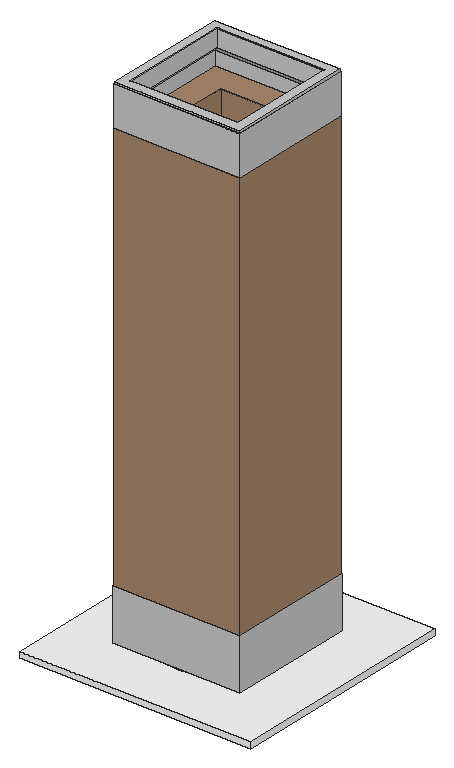
Revit family "BE_84467_de_DE", category Leuchten, Revit 2020
Family settings
  Basisbauteil = Fläche
  Bemaßung runder Anschluss = Durchmesser verwenden
  Teiletyp = Normal
  Beim Laden mit Abzugskörper schneiden = Ja
  Lichtquelle = Nein
  Gemeinsam genutzt = Nein
  Raumberechnungspunkt = Ja
Parameters (values of type "BEGA_84467_Silber")
  Default Elevation = 0 mm
  Umgebungstemperatur = ""
  URL = "https://www.bega.com/de/produkt/84467"
  Typenkommentare = "© 2022 BEGA. Wir behalten uns das Recht vor, technische Änderungen ohne vorherige Ankündigung vorzunehmen."  # constant formula
  Typenbild = 84467.png
  Spannung = 0 V
  Sonderanfertigung = no
  Seriennummer [instance] = "Hier können Sie die eindeutige Seriennummer für das Facility Management eintragen."
  Schutzklasse = ""
  Schutzart = ""
  Scheinlast = 0 VA
  Produktdatenblatt = "https://cdn.bega.com/bega/products/84467/current/documents/data-sheets/de"
  Oberflächentemperatur = ""
  Modell = "84467A"
  Material_38 = BEGA_Holz
  Material_17 = BEGA_Reflektor
  Material_15 = BEGA_Leuchtmedium_matt
  Material_11 = BEGA_Glas_opal
  Material_09 = BEGA_Glas_klar
  Material_06 = BEGA_Oberfläche_Edelstahl_gebürstet
  Material_03 = BEGA_Oberfläche_Weiss_matt
  Material_02 = BEGA_Oberfläche_Silber_matt
  Material_01 [instance] = BEGA_Oberfläche_Grafit_matt
  M_W = no
  M_G = no
  M_A = yes
  Logo = 0
  Leuchtenanzahl = ""
  Lastklassifizierung = Beleuchtung
  Hersteller = "BEGA"  # constant formula
  Halbstreuwinkel = ""
  Gewicht = "18.85 kg"
  Gebrauchslageneinschränkung [instance] = ""
  Energieeffizienzklasse = ""
  ENEC = ""
  Dimmbar [instance] = "on/off"
  CE_Konformität = "ja"
  Bestellnummer = "84467A"
  Beschreibung_Sonderanfertigung = "Hier können Sie Informationen zur Sonderanfertigung eintragen."
  Beschreibung = "Pollerleuchtenrohr"
  Befestigungsbohrung = ""
  Befestigungsabstand = ""
  Ballwurfsicher = ""
  BEGA_Intern_aus = yes
  BEGA_Intern_an = yes
  BEGA_Intern_Konstruktion = yes
  BEGA_Intern = yes
  BEGA_IES = yes
  BEGA_Dummy = no
  Anschlussleitung = ""
  Anschlusskasten = ""
  Aktualisierung = "2022-05-19T04:00:07"
  Abstand_zur_angestrahlten_Fläche [instance] = ""
Types (2, lengths in mm): name | Modell | M_G | M_A | Bestellnummer
  BEGA_84467_Grafit | "84467" | yes | no | "84467"
  BEGA_84467_Silber | "84467A" | no | yes | "84467A"
Reference planes
  plane 1 "Mitte (Vorne/Hinten)": y = 0
  plane 2: z = 0
  plane 3 "Mitte (Links/Rechts)": x = 0
  plane 4 "Links": x = -110
  plane 5 "Rechts": x = 110
  plane 6 "Unten": y = -110
  plane 7 "Oben": y = 110
  plane 8 "Vorne": z = 878
  plane 9 "Hinten": z = 0
Forms (mm)
  Extrusion 1, solid, material "BEGA_Platte_Weiss"
    sketch origin (0, -1119.2, 0) x (1, 0, 0) y (0, 1, 0)
      loop
        line (-200, 1319.2) -> (-200, 919.2) -> (200, 919.2) -> (200, 1319.2) -> (-200, 1319.2)
    from 0 to -10
  Extrusion 2, solid, material "BEGA_Dummy_matt", visible <- "BEGA_Dummy"
    sketch origin (80.095, -76.023, 0) x (1, 0, 0) y (0, 1, 0)
      loop
        line (-190.095, 186.023) -> (-190.095, -33.977) -> (29.905, -33.977) -> (29.905, 186.023) -> (-190.095, 186.023)
    from 0 to 878
Dimensions and locks
  plane 1 "Mitte (Vorne/Hinten)" to Extrusion 1 = 200 mm
  aligned and locked: plane 2 to Extrusion 1
  aligned and locked: level to Extrusion 1
Nested families
  nested 1: "BE_84467" at (0, 0, 0), type "BE_84467"
Connectors
  electrical at (0, 0, 0), driven by "Lastklassifizierung", driven by "Spannung", driven by "Scheinlast"
    settings: index 1, voltage 0 V, apparent load 0 VA, apparent load phase1 0 VA, apparent load phase2 0 VA, apparent load phase3 0 VA, power factor 1, load classification "Beleuchtung", number of poles 1, system type 31, power factor state 1, is connector primary yes, connector utility no, sub classification motor no, connector description ""
Definition of nested family "BE_84467"
  Parameters (values of type "BE_84467")
    Default Elevation = 1 mm
    URL = "http://www.bega.de/de/produkt"
    Type Comments = "© 2015 BEGA. Wir behalten uns das Recht vor, technische Änderungen ohne vorherige Ankündigung vorzunehmen. "  # constant formula
    Type Image = (empty or 0)
    Neigungswinkel_um_Z2 = 0.00°
    Neigungswinkel_um_Z1 = 0.00°
    Neigungswinkel_um_Y2 = 0.00°
    Neigungswinkel_um_Y1 = 0.00°
    Neigungswinkel_um_X2 = 0.00°
    Neigungswinkel_um_X1 = 0.00°
    Material_38 = none
    Material_17 = none
    Material_15 = none
    Material_11 = none
    Material_09 = none
    Material_06 = none
    Material_02 = none
    Material_01 = none
    M_W = yes
    M_G = yes
    M_A = yes
    Länge_Platte = 200 mm  # constant formula
    Höhe_Platte = -10 mm  # constant formula
    Manufacturer = "BEGA"  # constant formula
    Drehwinkel_um_Z2 = 0.00°
    Drehwinkel_um_Z1 = 0.00°
    Breite_Platte = 200 mm  # constant formula
  Reference planes
    plane 1 "Mitte (Oben/Unten)": y = 0
    plane 2: z = 0
    plane 3 "Mitte (Links/Rechts)": x = 0
    plane 4: y = -110
    plane 5: y = 110
    plane 6: x = -110
    plane 7: x = 110
    plane 8: z = 0
    plane 9: z = 878
  Forms (mm)
    Extrusion 1, solid, detail levels medium
      sketch origin (0, 0, 0) x (1, 0, 0) y (0, 1, 0)
        loop
          line (-100, 100) -> (-100, -100) -> (100, -100) -> (100, 100) -> (-100, 100)
      from 0 to -10 <- "Höhe_Platte"
    Revolve 2, solid, material <- "Material_01", visible <- "M_G"
      sketch origin (0, 0, 0) x (1, 0, 0) y (0, 0, 1)
        loop
          line (-104.5, 8) -> (-104.5, 0) -> (-37.607, 0) -> (-37.607, 10) -> (-75.714, 10)
          arc (-75.714, 10) -> (-77.741, 10.788) -> (-78.702, 12.739) r 3
          line (-78.702, 12.739) -> (-81, 39) -> (-97.5, 39) -> (-97.5, 35) -> (-86.5, 24) -> (-86.5, 13.454)
          arc (-86.5, 13.454) -> (-87.901, 9.986) -> (-91.317, 8.46) r 5
          line (-91.317, 8.46) -> (-104.5, 8)
        axis (0, 39) -> (0, 0)
      angle from 0 to 360
    Sweep 3, solid, material <- "Material_01", visible <- "M_G"
      path origin (0, 0, 0) x (1, 0, 0) y (0, 1, 0)
        loop
          line (-110, 110) -> (-110, -110) -> (110.312, -110) -> (110.312, 110) -> (-110, 110)
      profile origin (-110, 0, 0) x (1, 0, 0) y (0, 0, 1)
        loop
          line (4, 5.57) -> (4, 93.57) -> (0, 93.57) -> (0, 5.57) -> (4, 5.57)
    Sweep 4, solid, material <- "Material_38"
      path origin (0, 0, 0) x (1, 0, 0) y (0, 1, 0)
        loop
          line (-110, 110) -> (-110, -110) -> (110.312, -110) -> (110.312, 110) -> (-110, 110)
      profile origin (-110, 0, 0) x (1, 0, 0) y (0, 0, 1)
        loop
          line (50.312, 810.3) -> (5.312, 810.3) -> (5.312, 805.8) -> (0.312, 805.8) -> (0.312, 93.77) -> (5.312, 93.77) -> (5.312, 89.27) -> (50.312, 89.27) -> (50.312, 810.3)
    Sweep 5, solid, material <- "Material_01", visible <- "M_G"
      path origin (0, 0, 0) x (1, 0, 0) y (0, 1, 0)
        loop
          line (-110, 110) -> (-110, -110) -> (110.312, -110) -> (110.312, 110) -> (-110, 110)
      profile origin (-110, 0, 0) x (1, 0, 0) y (0, 0, 1)
        loop
          line (0.312, 874) -> (0.312, 806) -> (4.312, 806) -> (4.312, 834) -> (17.892, 847.58) -> (16.88, 876.57)
          arc (16.88, 876.57) -> (16.689, 877.355) -> (16.204, 878) r 2
          line (16.204, 878) -> (1.812, 878) -> (1.812, 874) -> (0.312, 874)
    Revolve 6, solid, material <- "Material_02", visible <- "M_A"
      sketch origin (0, 0, 0) x (1, 0, 0) y (0, 0, 1)
        loop
          line (-104.5, 8) -> (-104.5, 0) -> (-37.607, 0) -> (-37.607, 10) -> (-75.714, 10)
          arc (-75.714, 10) -> (-77.741, 10.788) -> (-78.702, 12.739) r 3
          line (-78.702, 12.739) -> (-81, 39) -> (-97.5, 39) -> (-97.5, 35) -> (-86.5, 24) -> (-86.5, 13.454)
          arc (-86.5, 13.454) -> (-87.901, 9.986) -> (-91.317, 8.46) r 5
          line (-91.317, 8.46) -> (-104.5, 8)
        axis (0, 39) -> (0, 0)
      angle from 0 to 360
    Sweep 7, solid, material <- "Material_02", visible <- "M_A"
      path origin (0, 0, 0) x (1, 0, 0) y (0, 1, 0)
        loop
          line (-110, 110) -> (-110, -110) -> (110.312, -110) -> (110.312, 110) -> (-110, 110)
      profile origin (-110, 0, 0) x (1, 0, 0) y (0, 0, 1)
        loop
          line (4, 5.57) -> (4, 93.57) -> (0, 93.57) -> (0, 5.57) -> (4, 5.57)
    Sweep 8, solid, material <- "Material_02", visible <- "M_A"
      path origin (0, 0, 0) x (1, 0, 0) y (0, 1, 0)
        loop
          line (-110, 110) -> (-110, -110) -> (110.312, -110) -> (110.312, 110) -> (-110, 110)
      profile origin (-110, 0, 0) x (1, 0, 0) y (0, 0, 1)
        loop
          line (0.312, 874) -> (0.312, 806) -> (4.312, 806) -> (4.312, 834) -> (17.892, 847.58) -> (16.88, 876.57)
          arc (16.88, 876.57) -> (16.689, 877.355) -> (16.204, 878) r 2
          line (16.204, 878) -> (1.812, 878) -> (1.812, 874) -> (0.312, 874)
    Extrusion 9, solid, material <- "Material_01", visible <- "M_G"
      sketch origin (0, 0, 0) x (1, 0, 0) y (0, 1, 0)
        loop
          line (106.312, 106) -> (-106, 106) -> (-106, -106) -> (106.312, -106) -> (106.312, 106)
        loop
          circle (0, 0) r 104.5
      from 5.57 to 42.435
    Extrusion 10, solid, material <- "Material_02", visible <- "M_A"
      sketch origin (0, 0, 0) x (1, 0, 0) y (0, 1, 0)
        loop
          line (106.312, 106) -> (-106, 106) -> (-106, -106) -> (106.312, -106) -> (106.312, 106)
        loop
          circle (0, 0) r 104.5
      from 5.57 to 42.435
  Dimensions and locks
    equal spacing: Extrusion 1 sketch curve, plane 3 "Mitte (Links/Rechts)", Extrusion 1 sketch curve
    equal spacing: Extrusion 1 sketch curve, plane 1 "Mitte (Oben/Unten)", Extrusion 1 sketch curve
    "Länge_Platte": Extrusion 1 sketch curve to Extrusion 1 sketch curve
    "Breite_Platte": Extrusion 1 sketch curve to Extrusion 1 sketch curve
    aligned and locked: plane 2 to Extrusion 1
    aligned and locked: level to Extrusion 1
  Automatic sketch dimensions
    Revolve 2 sketch curve to level = 0 mm
    Revolve 2 sketch curve to Revolve 2 sketch curve = 6 mm
    level to Revolve 2 sketch curve = 8.46 mm
    Revolve 2 sketch curve to Revolve 2 sketch curve = 0.183 mm
    Revolve 2 sketch curve to Revolve 2 sketch curve = 5 mm
    Revolve 2 sketch curve to Revolve 2 sketch curve = 10.786 mm
    level to Revolve 2 sketch curve = 13 mm
    Revolve 2 sketch curve to Revolve 2 sketch curve = 4.993 mm
    level to Revolve 2 sketch curve = 8 mm
    Revolve 2 sketch curve to Revolve 2 sketch curve = 13.183 mm
    level to Revolve 2 sketch curve = 35 mm
    level to Revolve 2 sketch curve = 24 mm
    Revolve 2 sketch curve to Revolve 2 sketch curve = 5.5 mm
    level to Revolve 2 sketch curve = 39 mm
    level to Revolve 2 sketch curve = 12.739 mm
    Revolve 2 sketch curve to Revolve 2 sketch curve = 2.989 mm
    Revolve 2 sketch curve to Revolve 2 sketch curve = 0 mm  (x4)
    Revolve 2 sketch curve to Revolve 2 sketch curve = 38.107 mm
    Revolve 2 sketch curve to Revolve 2 sketch curve = 10 mm
    Sweep 3 sketch curve to profile plane = 4 mm
    level to Sweep 3 sketch curve = 5.57 mm
    Sweep 3 sketch curve to Sweep 3 sketch curve = 88 mm
    profile plane to Sweep 3 sketch curve = 0 mm
    Sweep 4 sketch curve to profile plane = 5.312 mm
    level to Sweep 4 sketch curve = 89.27 mm
    Sweep 4 sketch curve to Sweep 4 sketch curve = 45 mm
    Sweep 4 sketch curve to Sweep 4 sketch curve = 4.5 mm  (x2)
    Sweep 4 sketch curve to profile plane = 0.312 mm
    Sweep 4 sketch curve to Sweep 4 sketch curve = 712.03 mm
    Sweep 4 sketch curve to Sweep 4 sketch curve = 5 mm
    level to Sweep 5 sketch curve = 806 mm
    Sweep 5 sketch curve to Sweep 5 sketch curve = 4 mm
    Sweep 5 sketch curve to Sweep 5 sketch curve = 68 mm
    Sweep 5 sketch curve to Sweep 5 sketch curve = 40 mm
    Sweep 5 sketch curve to profile plane = 14.881 mm
    Sweep 5 sketch curve to Sweep 5 sketch curve = 1.323 mm
    Sweep 5 sketch curve to Sweep 5 sketch curve = 1.5 mm
    Sweep 5 sketch curve to profile plane = 1.812 mm
    Sweep 5 sketch curve to Sweep 5 sketch curve = 0.676 mm
    Sweep 5 sketch curve to Sweep 5 sketch curve = 0 mm  (x2)
    Sweep 5 sketch curve to Sweep 5 sketch curve = 13.58 mm  (x2)
    Sweep 5 sketch curve to profile plane = 0.312 mm
    Sweep 5 sketch curve to Sweep 5 sketch curve = 2.5 mm
    Revolve 6 sketch curve to level = 0 mm
    Revolve 6 sketch curve to plane 3 "Mitte (Links/Rechts)" = 0 mm
    level to Revolve 6 sketch curve = 10 mm
    Revolve 6 sketch curve to plane 3 "Mitte (Links/Rechts)" = 37.607 mm
    level to Revolve 6 sketch curve = 13 mm
    Revolve 6 sketch curve to Revolve 6 sketch curve = 38.107 mm
    Revolve 6 sketch curve to Revolve 6 sketch curve = 5.286 mm
    level to Revolve 6 sketch curve = 24 mm
    Revolve 6 sketch curve to Revolve 6 sketch curve = 10.786 mm
    level to Revolve 6 sketch curve = 8.46 mm
    Revolve 6 sketch curve to Revolve 6 sketch curve = 4.817 mm
    Revolve 6 sketch curve to Revolve 6 sketch curve = 0.183 mm
    level to Revolve 6 sketch curve = 35 mm
    Revolve 6 sketch curve to Revolve 6 sketch curve = 11 mm
    Revolve 6 sketch curve to Revolve 6 sketch curve = 13.183 mm
    Revolve 6 sketch curve to Revolve 6 sketch curve = 8 mm
    Revolve 6 sketch curve to Revolve 6 sketch curve = 4.993 mm
    Revolve 6 sketch curve to Revolve 6 sketch curve = 4 mm
    Revolve 6 sketch curve to Revolve 6 sketch curve = 0 mm  (x4)
    Revolve 6 sketch curve to Revolve 6 sketch curve = 2.989 mm
    level to Revolve 6 sketch curve = 12.739 mm
    profile plane to Sweep 7 sketch curve = 0 mm
    Sweep 7 sketch curve to profile plane = 4 mm
    level to Sweep 7 sketch curve = 5.57 mm
    Sweep 7 sketch curve to Sweep 7 sketch curve = 88 mm
    Sweep 8 sketch curve to profile plane = 0.312 mm
    Sweep 8 sketch curve to profile plane = 1.812 mm
    Sweep 8 sketch curve to Sweep 8 sketch curve = 4 mm  (x2)
    Sweep 8 sketch curve to Sweep 8 sketch curve = 13.069 mm
    Sweep 8 sketch curve to Sweep 8 sketch curve = 1.323 mm
    Sweep 8 sketch curve to profile plane = 17.892 mm
    level to Sweep 8 sketch curve = 806 mm
    Sweep 8 sketch curve to Sweep 8 sketch curve = 28 mm
    Sweep 8 sketch curve to Sweep 8 sketch curve = 13.58 mm
    Sweep 8 sketch curve to Sweep 8 sketch curve = 26.42 mm
    Sweep 8 sketch curve to Sweep 8 sketch curve = 2.5 mm
    Sweep 8 sketch curve to Sweep 8 sketch curve = 0.676 mm
    Sweep 8 sketch curve to Sweep 8 sketch curve = 0 mm  (x2)
    Extrusion 9 sketch curve to plane 3 "Mitte (Links/Rechts)" = 106 mm
    plane 3 "Mitte (Links/Rechts)" to Extrusion 9 sketch curve = 106.312 mm
    plane 1 "Mitte (Oben/Unten)" to Extrusion 9 sketch curve = 106 mm
    Extrusion 9 sketch curve to plane 1 "Mitte (Oben/Unten)" = 106 mm
    plane 1 "Mitte (Oben/Unten)" to Extrusion 9 sketch curve = 0 mm
    Extrusion 9 sketch curve to plane 3 "Mitte (Links/Rechts)" = 0 mm
    plane 1 "Mitte (Oben/Unten)" to Extrusion 10 sketch curve = 0 mm
    Extrusion 10 sketch curve to plane 3 "Mitte (Links/Rechts)" = 0 mm
    Sweep 3 sketch curve to plane 1 "Mitte (Oben/Unten)" = 110 mm
    Sweep 4 sketch curve to plane 1 "Mitte (Oben/Unten)" = 110 mm
    Sweep 5 sketch curve to plane 1 "Mitte (Oben/Unten)" = 110 mm
    Sweep 7 sketch curve to plane 1 "Mitte (Oben/Unten)" = 110 mm
    Sweep 8 sketch curve to plane 1 "Mitte (Oben/Unten)" = 110 mm
    Extrusion 10 sketch curve to plane 1 "Mitte (Oben/Unten)" = 106 mm
    plane 3 "Mitte (Links/Rechts)" to Sweep 3 sketch curve = 110.312 mm
    plane 3 "Mitte (Links/Rechts)" to Sweep 4 sketch curve = 110.312 mm
    plane 3 "Mitte (Links/Rechts)" to Sweep 5 sketch curve = 110.312 mm
    plane 3 "Mitte (Links/Rechts)" to Sweep 7 sketch curve = 110.312 mm
    plane 3 "Mitte (Links/Rechts)" to Sweep 8 sketch curve = 110.312 mm
    Extrusion 10 sketch curve to Extrusion 10 sketch curve = 1.812 mm
    plane 1 "Mitte (Oben/Unten)" to Sweep 3 sketch curve = 110 mm
    plane 1 "Mitte (Oben/Unten)" to Sweep 4 sketch curve = 110 mm
    plane 1 "Mitte (Oben/Unten)" to Sweep 5 sketch curve = 110 mm
    plane 1 "Mitte (Oben/Unten)" to Sweep 7 sketch curve = 110 mm
    plane 1 "Mitte (Oben/Unten)" to Sweep 8 sketch curve = 110 mm
    plane 1 "Mitte (Oben/Unten)" to Extrusion 10 sketch curve = 106 mm
    Revolve 2 sketch curve to plane 3 "Mitte (Links/Rechts)" = 0 mm
    Revolve 2 sketch curve to plane 3 "Mitte (Links/Rechts)" = 37.607 mm
    Sweep 3 sketch curve to plane 3 "Mitte (Links/Rechts)" = 110 mm
    Sweep 4 sketch curve to plane 3 "Mitte (Links/Rechts)" = 110 mm
    Sweep 5 sketch curve to plane 3 "Mitte (Links/Rechts)" = 110 mm
    Sweep 7 sketch curve to plane 3 "Mitte (Links/Rechts)" = 110 mm
    Sweep 8 sketch curve to plane 3 "Mitte (Links/Rechts)" = 110 mm
    Extrusion 9 sketch curve to plane 3 "Mitte (Links/Rechts)" = 104.5 mm
    Extrusion 10 sketch curve to plane 3 "Mitte (Links/Rechts)" = 106 mm
    plane 3 "Mitte (Links/Rechts)" to Extrusion 10 sketch curve = 106.312 mm
    Revolve 2 sketch curve to Revolve 2 sketch curve = 369.432 mm
    Revolve 6 sketch curve to Revolve 6 sketch curve = 369.432 mm
    Revolve 2 sketch curve to level = 274.158 mm
    Revolve 6 sketch curve to level = 274.158 mm
